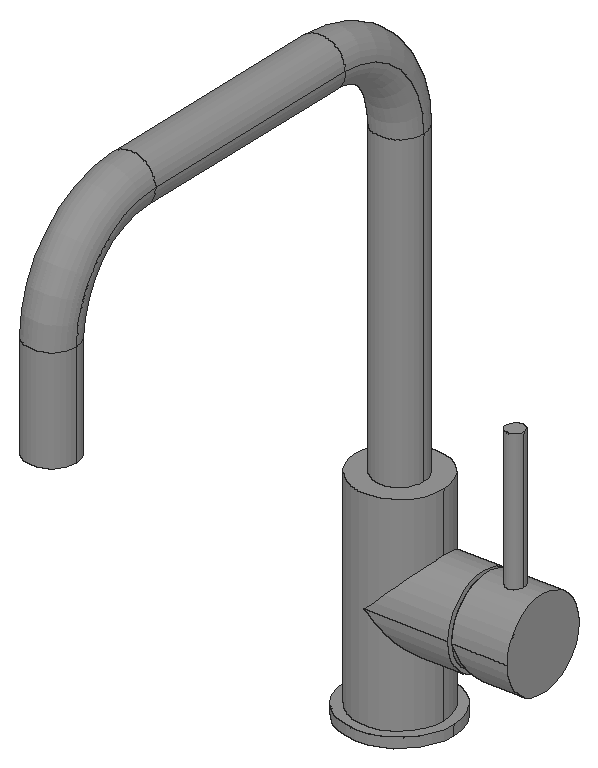
Revit family "Alma-KMGM1006-Charlotte Square Mixer-Gunmetal", category Plumbing Fixtures, Revit 2022
Family settings
  Round Connector Dimension = Use Diameter
  Part Type = Normal
  OmniClass Number = 23.45.00.00
  OmniClass Title = Sanitary, Laundry, and Cleaning Equipment
  Work Plane-Based = No
  Always vertical = Yes
  Cut with Voids When Loaded = No
  Maintain Annotation Orientation = No
  Shared = No
  Room Calculation Point = No
Parameters (values of type "Charlotte Gunmetal")
  URL = "https://www.buildmat.com.au/products/charlotte-brushed-gun-metal-square-mixer"
  Tap Material = Alma Gunmetal
  Model = "KMGM1006"  # constant formula
  Manufacturer = "BUILDMAT"  # constant formula
  Description = "Charlotte Square Mixer"  # constant formula
  Default Elevation = 0 mm
  Created = "22.12.2023"  # constant formula
  Brand = "Alma"  # constant formula
Reference planes
  plane 1 "Center (Front/Back)": y = 0
  plane 2 "Bottom": z = 0
  plane 3 "Center (Left/Right)": x = 0
  plane 4: y = -220
  plane 5 "Top": z = 330
  plane 6: z = 110
  plane 7: z = 215
  plane 8: z = 35
  plane 9: z = 150
  plane 10: x = 72.5
Forms (mm)
  Extrusion 1, solid, material "Alma Gunmetal" <- "Tap Material"
    sketch origin (0, 0, 0) x (1, 0, 0) y (0, 1, 0)
      loop
        circle (0, 0) r 27.5
    from 0 to 5
  Extrusion 2, solid, material "Alma Gunmetal" <- "Tap Material"
    sketch origin (0, 0, 0) x (1, 0, 0) y (0, 1, 0)
      loop
        circle (0, 0) r 22.5
    from 5 to 110
  Sweep 3, solid, material "Alma Gunmetal" <- "Tap Material"
    path origin (0, 0, 0) x (0, 1, 0) y (0, 0, 1)
      loop
        line (0, 110) -> (0, 267.5)
        arc (0, 267.5) -> (-14.645, 302.855) -> (-50, 317.5) r 50
        line (-50, 317.5) -> (-170, 317.5)
        arc (-170, 317.5) -> (-205.355, 302.855) -> (-220, 267.5) r 50
        line (-220, 267.5) -> (-220, 215)
    profile origin (0, 0, 188.75) x (0, -1, 0) y (1, 0, 0)
      loop
        circle (0, 0) r 12.5
  Extrusion 4, solid, material "Alma Gunmetal" <- "Tap Material"
    sketch origin (0, 0, -25) x (0, 1, 0) y (0, 0, 1)
      loop
        circle (0, 82.5) r 22.5
    from 0 to 42.5
  Extrusion 5, solid, material "Alma Gunmetal" <- "Tap Material"
    sketch origin (0, 0, -25) x (0, 1, 0) y (0, 0, 1)
      loop
        circle (0, 82.5) r 20.5
    from 42.5 to 72.5
  Extrusion 6, solid, material "Alma Gunmetal" <- "Tap Material"
    sketch origin (0, 0, -25) x (0, 1, 0) y (0, 0, 1)
      loop
        circle (0, 82.5) r 22.5
    from 44.5 to 72.5
  Extrusion 7, void
    sketch origin (-10, 0, -25) x (1, 0, 0) y (0, 0, 1)
      loop
        line (54.5, 60) -> (64.5, 60) -> (54.5, 82.5) -> (54.5, 60)
    from -22.5 to 22.5
  Extrusion 8, solid, material "Alma Gunmetal" <- "Tap Material"
    sketch origin (-10, 0, 0) x (1, 0, 0) y (0, 1, 0)
      loop
        circle (68.5, 0) r 4.5
    from 57.5 to 150
Cuts and joins
  Extrusion 7 cuts Extrusion 6
  joined: Extrusion 1, Extrusion 2, Sweep 3, Extrusion 4, Extrusion 5, Extrusion 6, Extrusion 8
Lines and regions (mm)
  symbolic lines, style "Axis"
    curve 1: line (0, 0, 0) -> (0, 0, 267.5)
    curve 2: line (0, -220, 215) -> (0, -220, 267.5)
    curve 3: line (0, 0, 0) -> (0, 0, 435)
    curve 4: line (0, -170, 317.5) -> (0, -50, 317.5)
    curve 5: arc (0, -170, 317.5) -> (0, -205.355, 302.855) -> (0, -220, 267.5) r 50
    curve 6: arc (0, -50, 317.5) -> (0, -14.645, 302.855) -> (0, 0, 267.5) r 50
Text (mm)
  text "Refer to www.buildmat.com.au for the most current product literature. \nAllow a +/- 5mm tolerance for dimensions shown in the product literature. \nPlease note product details are subject to change due to ongoing product development." at (0.056, -1035.857, 0), in view "Ref. Level"
Dimensions and locks
  plane 4 to plane 1 "Center (Front/Back)" = 220 mm
  plane 5 "Top" to plane 2 "Bottom" = 330 mm
  plane 6 to plane 2 "Bottom" = 110 mm
  plane 7 to plane 2 "Bottom" = 215 mm
  plane 9 to plane 8 to plane 2 "Bottom" = 115 mm, 35 mm
  Extrusion 1 to plane 10 = 100 mm
  aligned and locked: level to plane 2 "Bottom"
  aligned and locked: plane 6 to cut or joined group of Extrusion 1, Extrusion 2, Sweep 3, Extrusion 4, Extrusion 5, Extrusion 6, Extrusion 7, Extrusion 8
  aligned and locked: plane 6 to Sweep 3 sketch curve
